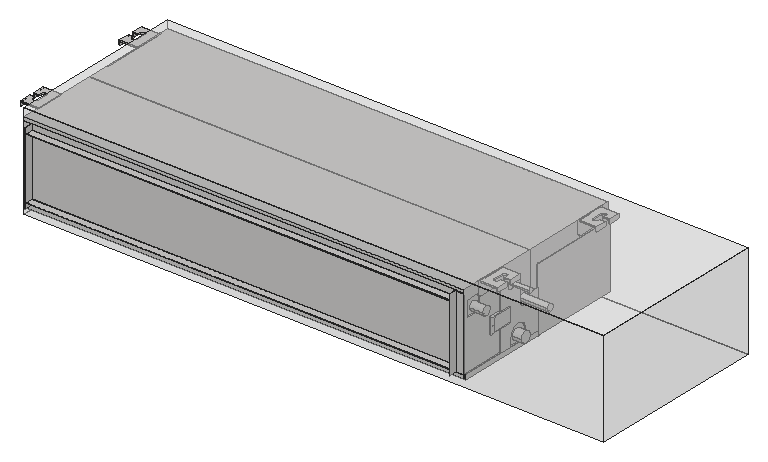
Revit family "outputfile", category 機械設備, Revit 2024
Family settings
  丸型コネクタ寸法 = 半径を使用
  パーツ タイプ = 標準
  OmniClass 番号 = 23.75.10.24.21.27.27
  OmniClass タイトル = Split System Air Conditioning Units
  作業面ベース = いいえ
  常に垂直 = はい
  ロード時にボイドで切り取り = いいえ
  注釈の向きを維持 = いいえ
  共有 = いいえ
  部屋計算ポイント = はい
Parameters (values of type "FXDQ63TV1CA")
  Description = ""
  製造元 = "Daikin"
  書き出し IFC クラス(タイプ) = "IfcUnitaryEquipmentType"
  定義済み IFC タイプ(タイプ) = "AIRCONDITIONINGUNIT"
  Cost = 0
  モデル = "FXDQ63TV1CA"
  Type Comments = ""
  Keynote = ""
  Type Image = (empty or 0)
  Assembly Code = ""
  r_Liquid Pipe Size = Liquid Pipe Size / 2  # 4.75 mm
  r_Gas Pipe Size = Gas Pipe Size / 2  # 7.95 mm
  r_Drain Pipe Size = Drain Pipe Size / 2  # 10.0 mm
  lw_powersuply = 65.0 mm  # constant formula
  lh_suctionflange [instance] = [h***] + 100.5 mm  # 100.5 mm
  lh_mounting = lh_mountinghole + [h***]  # 200.0 mm
  ld_suctionflange [instance] = if(and(Rear Connection_Return Air, Width = 700.0 mm), 94.5 mm, if(and(Rear Connection_Return Air, Width = 900.0 mm), 94.0 mm, if(and(Rear Connection_Return Air, Width = 1100.0 mm), 94.0 mm, 100.5 mm)))  # 94.0 mm
  ld_powersuply = 64.0 mm  # constant formula
  ld_mountinghole_Back = if(Width = 900.0 mm, 169.0 mm, 165.0 mm)  # 165.0 mm
  ld_mountinghole_Front = if(Width = 900.0 mm, 140.0 mm, 144.0 mm)  # 144.0 mm
  ld_RA_below = if(Width = 700.0 mm, 189.0 mm, 188.0 mm)  # 188.0 mm
  ld_RA = if(Width = 700.0 mm, 94.5 mm, 94.0 mm)  # 94.0 mm
  angle_vertical_RA [instance] = if(Rear Connection_Return Air, 90.00°, 0.00°)  # 90.00°
  angle horizontal_RA [instance] = if(Rear Connection_Return Air, 180.00°, 270.00°)  # 180.00°
  Voltage_comment_50Hz = "220-240"
  Voltage_50Hz = 220 V
  URL = ""
  Supply Air Direction [instance] = yes
  Sound Power Level_H speed (dB) = 0
  Rear Connection_Return Air [instance] = not(Bottom Connection_Return Air)  # yes
  Phase_50Hz = 1
  Minimum External Static Pressure = 10.00 Pa
  Minimum Circuit Amps_50Hz = 1.8 A
  Maximum Fuse Amps_50Hz = 15.0 A
  Maximum External Static Pressure = 45.00 Pa
  Material_Casing = DAIKIN_GalvanizedSteel_Casing_indoorunit
  ld_liquidpipe = 142.0 mm  # constant formula
  ld_gaspipe = 181.0 mm  # constant formula
  lw_mountinghole = Width + 52.0 mm  # 1152.0 mm
  ld_drainpipe = 28.0 mm  # constant formula
  lh_liquidpipe = 155.0 mm
  lh_gaspipe = 105.0 mm
  lh_mountinghole = 200.0 mm  # constant formula
  lh_drainpipe = 152.0 mm  # constant formula
  h_antenna = Height - lh_mountinghole + 1.0 mm  # 1.0 mm
  h*** = 0.0 mm  # constant formula
  Width = 1100.0 mm
  Version = "ver.1.0"
  Unit Type = "Slim Duct (Standard) Type"
  Unit Mass Weight = 24.00 kg
  Unit Designation [instance] = ""
  Uniclass2015Version = "Products v1.30"
  Uniclass2015Title = "Variable refrigerant flow units"
  Uniclass2015Code = "Pr_70_65_03_94"
  Total Heating Capacity [instance] = 0.000 kW
  Total Cooling Capacity [instance] = 0.000 kW
  Sound Pressure Level_M speed (dBA) = 0
  Sound Pressure Level_L speed (dBA) = 33
  Sound Pressure Level_H speed (dBA) = 37
  Series = "VRV Fan Coil Unit"
  Sensible Cooling Capacity [instance] = 0.000 kW
  SA Duct Size Width = if(Width = 900.0 mm, 860.0 mm, if(Width = 1100.0 mm, 1060.0 mm, 660.0 mm))  # 1060.0 mm
  SA Duct Size Height = 153.0 mm  # constant formula
  Refrigerant Type = "R410A"
  RA Duct Size Width = if(Width = 900.0 mm, 775.0 mm, if(Width = 1100.0 mm, 975.0 mm, 575.0 mm))  # 975.0 mm
  RA Duct Size Height [instance] = if(Rear Connection_Return Air, 163.0 mm, if(Width = 700.0 mm, 153.0 mm, 152.0 mm))  # 163.0 mm
  Power Input (Heating) = 0.070 kW
  Power Input (Cooling) = 0.080 kW
  Option Accessory 3 [instance] = ""
  Option Accessory 2 [instance] = ""
  Option Accessory 1 [instance] = ""
  Nominal Heating Capacity = 8.000 kW
  Nominal Cooling Capacity = 7.100 kW
  Minimum Airflow = 0.00 m³/h
  Median Airflow = 0.00 m³/h
  Maximum Airflow = 1170.00 m³/h
  Load Classification = HVAC
  Liquid Pipe Size = 9.5 mm
  Link_Nested Family [instance] = ""
  IfcVersion = "0"
  IfcExportType = "AIRCONDITIONINGUNIT"
  IfcExportAs = "IfcUnitaryEquipmentType"
  Height = 200.0 mm
  Heating Entering Wet Bulb Temperature [instance] = 0.00 °C
  Heating Entering Dry Bulb Temperature [instance] = 0.00 °C
  Heating Ambient Wet Bulb Temperature [instance] = 0.00 °C
  Heating Ambient Dry Bulb Temperature [instance] = 0.00 °C
  Heat Exchanger Type = "Cross Fin Coil"
  Gas Pipe Size = 15.9 mm
  Frequency_50Hz = 50 Hz
  Fan Type = "Sirocco Fan"
  Fan Drive = "Direct Drive"
  FCU Tag No. [instance] = ""
  Drain Pipe Size = 20.0 mm
  Design Supply Airflow [instance] = 0.00 m³/h
  Design Return Airflow [instance] = 0.00 m³/h
  Design External Static Pressure [instance] = 0.00 Pa
  Depth = 450.0 mm
  既定の高さ = 0.0 mm
  Cooling Entering Wet Bulb Temperature [instance] = 0.00 °C
  Cooling Entering Dry Bulb Temperature [instance] = 0.00 °C
  Cooling Ambient Wet Bulb Temperature [instance] = 0.00 °C
  Cooling Ambient Dry Bulb Temperature [instance] = 0.00 °C
  Clearance visibility [instance] = yes
  Clearance Top = 20.0 mm
  Clearance Right = 350.0 mm
  Clearance Rear = 0.0 mm
  Clearance Left = 0.0 mm
  Clearance Front = 0.0 mm
  Clearance Bottom = 20.0 mm
  Bottom Connection_Return Air [instance] = no
Reference planes
  plane 1 "Center (Front/Back)": y = 0
  plane 2 "Bottom": z = -200
  plane 3 "Center (Left/Right)": x = 0
  plane 4 "Back": y = 225
  plane 5 "Front": y = -225
  plane 6 "Left": x = -550
  plane 7 "Right": x = 550
  plane 8 "Top": z = 0
  plane 9 "BB": y = -20
  plane 10 "condensate water pan": z = -190
  plane 11 "Below": z = -200
  plane 12 "Other components Right": x = 555
  plane 13 "Other components Left": x = 545
  plane 14 "lh_drainpipe": z = -48
  plane 15 "ld_drainpipe": y = -197
  plane 16 "drainpipe": x = 583
  plane 17 "lh_liquidpipe": z = -45
  plane 18 "ld_liquidpipe": y = -83
  plane 19 "ld_gaspipe": y = -44
  plane 20 "lh_gaspipe": z = -95
  plane 21: x = 603
  plane 22: x = 620
  plane 23: x = 574
  plane 24 "w_mountinghole_Left": x = -576
  plane 25 "w_mountinghole_Right": x = 576
  plane 26 "d_mountinghole_Back": y = 165
  plane 27 "d_mountinghole_Front": y = -144
  plane 28 "h_mountinghole": z = 0
  plane 29 "lw_powersuply": x = 485
  plane 30 "ld_powersuply": y = -161
  plane 31 "Clearance Left": x = -550
  plane 32 "Clearance Right": x = 900
  plane 33 "Clearance Rear": y = 225
  plane 34 "Clearance Front": y = -225
  plane 35 "Clearance Bottom": z = -220
  plane 36 "Clearance Top": z = 20
  plane 37 "RA": y = 224
  plane 38: z = -199
  plane 39 "RA_d": y = 131
  plane 40 "RA_w": x = -51.5
  plane 41 "RA_h": z = -99.5
  plane 42 "SA_h": z = -99
  plane 43 "RA_dd": y = 37
Forms (mm)
  Extrusion 1, solid, material "DAIKIN_GalvanizedSteel_Casing_indoorunit" <- "Material_Casing"
    sketch origin (0, 0, 100) x (0, 1, 0) y (0, 0, 1)
      loop
        line (-20, -100) -> (-20, -300) -> (225, -300) -> (225, -100) -> (-20, -100)
    from -550 to 550
  Extrusion 2, solid, material "DAIKIN_GalvanizedSteel_Casing_indoorunit" <- "Material_Casing"
    sketch origin (0, 0, 100) x (0, 1, 0) y (0, 0, 1)
      loop
        line (-225, -100) -> (-225, -290) -> (-20, -290) -> (-20, -100) -> (-225, -100)
    from -550 to 550
  Extrusion 3, solid, material "DAIKIN_GalvanizedSteel_Casing_indoorunit" <- "Material_Casing"
    sketch origin (0, 0, 100) x (0, 1, 0) y (0, 0, 1)
      loop
        line (-225, -290) -> (-225, -300) -> (-20, -300) -> (-20, -290) -> (-225, -290)
    from -550 to 550
  Extrusion 4, solid, material "DAIKIN_GalvanizedSteel_Casing_indoorunit" <- "Material_Casing"
    sketch origin (0, 0, 0) x (0, 1, 0) y (0, 0, 1)
      loop
        arc (2, -40) -> (-0.121, -40.879) -> (-1, -43) r 3
        line (-1, -43) -> (-1, -197)
        arc (-1, -197) -> (-0.121, -199.121) -> (2, -200) r 3
        line (2, -200) -> (225, -200) -> (225, -40) -> (2, -40)
    from 550 to 555
  Extrusion 5, solid, material "DAIKIN_GalvanizedSteel_Casing_indoorunit" <- "Material_Casing"
    sketch origin (620, 0, 0) x (0, 1, 0) y (0, 0, 1)
      loop
        line (-225, -190) -> (-225, -200) -> (-2, -200) -> (-2, -193)
        arc (-2, -193) -> (-2.879, -190.879) -> (-5, -190) r 3
        line (-5, -190) -> (-225, -190)
    from -70 to -65
  Extrusion 6, void
    sketch origin (0, 0, 0) x (0, 1, 0) y (0, 0, 1)
      loop
        arc (-145.64, -94.17) -> (-147.761, -95.049) -> (-148.64, -97.17) r 3
        line (-148.64, -97.17) -> (-148.64, -131.17)
        arc (-148.64, -131.17) -> (-147.761, -133.291) -> (-145.64, -134.17) r 3
        line (-145.64, -134.17) -> (-91.78, -134.17)
        arc (-91.78, -134.17) -> (-89.659, -133.291) -> (-88.78, -131.17) r 3
        line (-88.78, -131.17) -> (-88.78, -97.17)
        arc (-88.78, -97.17) -> (-89.659, -95.049) -> (-91.78, -94.17) r 3
        line (-91.78, -94.17) -> (-145.64, -94.17)
    from 545 to 555
  Extrusion 7, void
    sketch origin (460, 0, 0) x (0, 1, 0) y (0, 0, 1)
      loop
        arc (-212.95, -27.05) -> (-216.486, -28.514) -> (-217.95, -32.05) r 5
        line (-217.95, -32.05) -> (-217.95, -63.95)
        arc (-217.95, -63.95) -> (-216.486, -67.486) -> (-212.95, -68.95) r 5
        line (-212.95, -68.95) -> (-181.05, -68.95)
        arc (-181.05, -68.95) -> (-177.514, -67.486) -> (-176.05, -63.95) r 5
        line (-176.05, -63.95) -> (-176.05, -32.05)
        arc (-176.05, -32.05) -> (-177.514, -28.514) -> (-181.05, -27.05) r 5
        line (-181.05, -27.05) -> (-212.95, -27.05)
    from 85 to 95
  Extrusion 8, solid, material "DAIKIN_GalvanizedSteel_Casing_indoorunit" <- "Material_Casing"
    sketch origin (700, 0, 0) x (0, 1, 0) y (0, 0, 1)
      loop
        line (-116.823, -42) -> (-116.823, -190) -> (-87.438, -190) -> (-87.438, -167.881)
        arc (-87.438, -167.881) -> (-62.998, -143.441) -> (-38.558, -167.881) r 24.44
        line (-38.558, -167.881) -> (-38.558, -190) -> (-1, -190) -> (-1, -92.773) -> (-27.497, -92.773)
        arc (-27.497, -92.773) -> (-28.911, -93.359) -> (-29.497, -94.773) r 2
        line (-29.497, -94.773) -> (-29.497, -99)
        arc (-29.497, -99) -> (-43.997, -113.5) -> (-58.497, -99) r 14.5
        line (-58.497, -99) -> (-58.497, -42.3)
        arc (-58.497, -42.3) -> (-59.171, -40.674) -> (-60.797, -40) r 2.3
        line (-60.797, -40) -> (-69, -40)
        arc (-69, -40) -> (-70.414, -40.586) -> (-71, -42) r 2
        line (-71, -42) -> (-71, -49)
        arc (-71, -49) -> (-83, -61) -> (-95, -49) r 12
        line (-95, -49) -> (-95, -42)
        arc (-95, -42) -> (-95.586, -40.586) -> (-97, -40) r 2
        line (-97, -40) -> (-114.823, -40)
        arc (-114.823, -40) -> (-116.237, -40.586) -> (-116.823, -42) r 2
    from -150 to -145
  Extrusion 9, solid, material "DAIKIN_GalvanizedSteel_Casing_indoorunit" <- "Material_Casing"
    sketch origin (0, 0, 0) x (0, 1, 0) y (0, 0, 1)
      loop
        line (-91.78, -95.17) -> (-145.64, -95.17)
        arc (-145.64, -95.17) -> (-147.054, -95.756) -> (-147.64, -97.17) r 2
        line (-147.64, -97.17) -> (-147.64, -131.17)
        arc (-147.64, -131.17) -> (-147.054, -132.584) -> (-145.64, -133.17) r 2
        line (-145.64, -133.17) -> (-91.78, -133.17)
        arc (-91.78, -133.17) -> (-90.366, -132.584) -> (-89.78, -131.17) r 2
        line (-89.78, -131.17) -> (-89.78, -97.17)
        arc (-89.78, -97.17) -> (-90.366, -95.756) -> (-91.78, -95.17) r 2
    from 545 to 555
  Extrusion 10, solid, material "DAIKIN_GalvanizedSteel_Casing_indoorunit" <- "Material_Casing"
    sketch origin (0, 0, 0) x (0, 1, 0) y (0, 0, 1)
      loop
        line (-89.78, -97.67) -> (-136.14, -97.67) -> (-136.14, -130.67) -> (-89.78, -130.67) -> (-89.78, -97.67)
      loop
        circle (-142.64, -114.17) r 1.5
    from 550 to 555
  Extrusion 11, solid, material "DAIKIN_GalvanizedSteel_Casing_indoorunit" <- "Material_Casing"
    sketch origin (0, 0, 0) x (0, 1, 0) y (0, 0, 1)
      loop
        circle (-197, -48) r 10
    from 550 to 583
  Extrusion 12, solid, material "DAIKIN_GalvanizedSteel_Casing_indoorunit" <- "Material_Casing"
    sketch origin (0, 0, 0) x (0, 1, 0) y (0, 0, 1)
      loop
        circle (-83, -45) r 4.75
    from 550 to 603
  Extrusion 13, solid, material "DAIKIN_GalvanizedSteel_Casing_indoorunit" <- "Material_Casing"
    sketch origin (0, 0, 0) x (0, 1, 0) y (0, 0, 1)
      loop
        circle (-44, -95) r 7.95
    from 550 to 620
  Extrusion 14, solid, material "DAIKIN_GalvanizedSteel_Casing_indoorunit" <- "Material_Casing"
    sketch origin (0, 0, 0) x (0, 1, 0) y (0, 0, 1)
      loop
        circle (-62.998, -169) r 13
    from 550 to 574
  Extrusion 15, void
    sketch origin (0, 0, 0) x (1, 0, 0) y (0, 0, 1)
      loop
        line (446, -1) -> (-549, -1) -> (-549, -200) -> (446, -200) -> (446, -1)
    from -225 to -37
  Extrusion 16, solid, material "DAIKIN_GalvanizedSteel_Casing_indoorunit" <- "Material_Casing", visible <- "Bottom Connection_Return Air"
    sketch origin (0, 0, 0) x (1, 0, 0) y (0, 0, 1)
      loop
        line (446, -1) -> (-549, -1) -> (-549, -200) -> (446, -200) -> (446, -1)
    from -225 to -224
  Extrusion 17, solid, material "DAIKIN_GalvanizedSteel_Casing_indoorunit" <- "Material_Casing", visible <- "Rear Connection_Return Air"
    sketch origin (0, 0, 0) x (1, 0, 0) y (0, 1, 0)
      loop
        line (-549, 37) -> (446, 37) -> (446, 225) -> (-549, 225) -> (-549, 37)
    from -200 to -199
Cuts and joins
  Extrusion 6, Extrusion 7 cuts Extrusion 2
  Extrusion 6 cuts Extrusion 8
  Extrusion 15 cuts Extrusion 1
Dimensions and locks
  locked: plane 9 "BB" to plane 1 "Center (Front/Back)" at 20
  equal spacing: plane 4 "Back", plane 1 "Center (Front/Back)", plane 5 "Front"
  "Depth": plane 4 "Back" to plane 5 "Front"
  plane 9 "BB" to plane 4 "Back" = 245.0 mm
  plane 5 "Front" to plane 9 "BB" = 205.0 mm
  equal spacing: plane 6 "Left", plane 3 "Center (Left/Right)", plane 7 "Right"
  "Width": plane 6 "Left" to plane 7 "Right"
  locked: plane 1 "Center (Front/Back)" to plane 9 "BB" at 20
  "h***": plane 11 "Below" to plane 2 "Bottom"
  locked: plane 10 "condensate water pan" to plane 11 "Below" at 10
  "Height": plane 8 "Top" to plane 11 "Below"
  locked: Extrusion 4 sketch curve to plane 4 "Back" at 226
  locked: Extrusion 4 sketch curve to plane 11 "Below" at 160
  locked: plane 7 "Right" to plane 12 "Other components Right" at 5
  locked: plane 13 "Other components Left" to plane 7 "Right" at 5
  "lh_drainpipe": plane 14 "lh_drainpipe" to plane 11 "Below"
  plane 5 "Front" to plane 15 "ld_drainpipe" = 28.0 mm
  "ld_drainpipe": plane 15 "ld_drainpipe" to plane 5 "Front"
  locked: plane 7 "Right" to plane 16 "drainpipe" at 33
  "lh_liquidpipe": plane 17 "lh_liquidpipe" to plane 11 "Below"
  "ld_liquidpipe": plane 18 "ld_liquidpipe" to plane 5 "Front"
  "ld_gaspipe": plane 19 "ld_gaspipe" to plane 5 "Front"
  plane 5 "Front" to plane 18 "ld_liquidpipe" = 142.0 mm
  plane 5 "Front" to plane 19 "ld_gaspipe" = 181.0 mm
  "lh_gaspipe": plane 20 "lh_gaspipe" to plane 11 "Below"
  locked: plane 7 "Right" to plane 21 at 53
  locked: plane 7 "Right" to plane 22 at 70
  locked: plane 7 "Right" to plane 23 at 24
  equal spacing: plane 24 "w_mountinghole_Left", plane 3 "Center (Left/Right)", plane 25 "w_mountinghole_Right"
  "lw_mountinghole": plane 24 "w_mountinghole_Left" to plane 25 "w_mountinghole_Right"
  plane 26 "d_mountinghole_Back" to plane 27 "d_mountinghole_Front" = 309.0 mm
  "lh_mountinghole": plane 28 "h_mountinghole" to plane 11 "Below"
  "lw_powersuply": plane 29 "lw_powersuply" to plane 7 "Right"
  "ld_powersuply": plane 5 "Front" to plane 30 "ld_powersuply"
  "Clearance Rear": plane 33 "Clearance Rear" to plane 4 "Back"
  "Clearance Front": plane 5 "Front" to plane 34 "Clearance Front"
  "Clearance Bottom": plane 11 "Below" to plane 35 "Clearance Bottom"
  "Clearance Top": plane 36 "Clearance Top" to plane 8 "Top"
  "Clearance Left": plane 31 "Clearance Left" to plane 6 "Left"
  "Clearance Right": plane 7 "Right" to plane 32 "Clearance Right"
  locked: cut or joined group of Extrusion 1, Extrusion 15 to plane 6 "Left" at 1
  locked: plane 7 "Right" to cut or joined group of Extrusion 1, Extrusion 15 at 104
  locked: plane 4 "Back" to plane 37 "RA" at 1
  locked: plane 6 "Left" to Extrusion 17 sketch curve at 1
  locked: Extrusion 17 sketch curve to plane 7 "Right" at 104
  locked: plane 38 to plane 11 "Below" at 1
  locked: plane 40 "RA_w" to plane 3 "Center (Left/Right)" at 51.5
  "ld_RA": plane 39 "RA_d" to plane 4 "Back"
  locked: plane 11 "Below" to plane 41 "RA_h" at 100.5
  locked: plane 11 "Below" to plane 42 "SA_h" at 101
  "ld_mountinghole_Back": plane 26 "d_mountinghole_Back" to plane 1 "Center (Front/Back)"
  "ld_mountinghole_Front": plane 27 "d_mountinghole_Front" to plane 1 "Center (Front/Back)"
  "ld_RA_below": plane 4 "Back" to plane 43 "RA_dd"
  "r_Liquid Pipe Size": radius of Extrusion 12 sketch curve
  "r_Gas Pipe Size": radius of Extrusion 13 sketch curve
  "r_Drain Pipe Size": radius of Extrusion 11 sketch curve
  aligned and locked: Extrusion 1 sketch curve to plane 8 "Top"
  aligned and locked: Extrusion 1 sketch curve to plane 9 "BB"
  aligned and locked: Extrusion 1 sketch curve to plane 4 "Back"
  aligned and locked: Extrusion 2 sketch curve to plane 9 "BB"
  aligned and locked: Extrusion 2 sketch curve to plane 8 "Top"
  aligned and locked: plane 5 "Front" to Extrusion 2 sketch curve
  aligned and locked: Extrusion 1 to plane 6 "Left"
  aligned and locked: plane 7 "Right" to Extrusion 1
  aligned and locked: Extrusion 2 to plane 6 "Left"
  aligned and locked: plane 7 "Right" to Extrusion 2
  aligned and locked: plane 10 "condensate water pan" to Extrusion 2 sketch curve
  aligned and locked: Extrusion 3 sketch curve to plane 10 "condensate water pan"
  aligned and locked: plane 5 "Front" to Extrusion 3 sketch curve
  aligned and locked: plane 9 "BB" to Extrusion 3 sketch curve
  aligned and locked: Extrusion 3 to plane 6 "Left"
  aligned and locked: plane 7 "Right" to Extrusion 3
  aligned and locked: plane 11 "Below" to Extrusion 3
  aligned and locked: Extrusion 1 to plane 11 "Below"
  aligned and locked: plane 11 "Below" to Extrusion 4 sketch curve
  aligned and locked: Extrusion 4 sketch curve to plane 4 "Back"
  aligned and locked: Extrusion 4 to plane 7 "Right"
  aligned and locked: plane 12 "Other components Right" to Extrusion 4
  aligned and locked: Extrusion 5 sketch curve to plane 10 "condensate water pan"
  aligned and locked: plane 5 "Front" to Extrusion 5 sketch curve
  aligned and locked: plane 11 "Below" to Extrusion 5 sketch curve
  aligned and locked: Extrusion 5 to plane 7 "Right"
  aligned and locked: plane 12 "Other components Right" to Extrusion 5
  aligned and locked: Extrusion 8 to plane 7 "Right"
  aligned and locked: plane 12 "Other components Right" to Extrusion 8
  aligned and locked: Extrusion 6 to plane 13 "Other components Left"
  aligned and locked: Extrusion 7 to plane 13 "Other components Left"
  aligned and locked: plane 12 "Other components Right" to Extrusion 7
  aligned and locked: plane 12 "Other components Right" to Extrusion 6
  aligned and locked: Extrusion 10 to plane 7 "Right"
  aligned and locked: Extrusion 9 to plane 13 "Other components Left"
  aligned and locked: plane 16 "drainpipe" to Extrusion 11
  aligned and locked: Extrusion 11 to plane 7 "Right"
  aligned and locked: plane 12 "Other components Right" to Extrusion 9
  aligned and locked: plane 12 "Other components Right" to Extrusion 10
  aligned and locked: Extrusion 12 to plane 7 "Right"
  aligned and locked: plane 21 to Extrusion 12
  aligned and locked: Extrusion 13 sketch curve to plane 19 "ld_gaspipe"
  aligned and locked: plane 20 "lh_gaspipe" to Extrusion 13 sketch curve
  aligned and locked: Extrusion 12 sketch curve to plane 18 "ld_liquidpipe"
  aligned and locked: plane 17 "lh_liquidpipe" to Extrusion 12 sketch curve
  aligned and locked: plane 14 "lh_drainpipe" to Extrusion 11 sketch curve
  aligned and locked: Extrusion 11 sketch curve to plane 15 "ld_drainpipe"
  aligned and locked: Extrusion 13 to plane 7 "Right"
  aligned and locked: plane 22 to Extrusion 13
  aligned and locked: Extrusion 14 to plane 7 "Right"
  aligned and locked: plane 23 to Extrusion 14
  aligned and locked: plane 25 "w_mountinghole_Right" to nested 2
  aligned and locked: plane 26 "d_mountinghole_Back" to nested 2
  aligned and locked: plane 28 "h_mountinghole" to nested 2
  aligned and locked: plane 27 "d_mountinghole_Front" to nested 3
  aligned and locked: plane 25 "w_mountinghole_Right" to nested 3
  aligned and locked: plane 24 "w_mountinghole_Left" to nested 4
  aligned and locked: plane 26 "d_mountinghole_Back" to nested 4
  aligned and locked: plane 24 "w_mountinghole_Left" to nested 5
  aligned and locked: nested 5 to plane 27 "d_mountinghole_Front"
  aligned and locked: plane 28 "h_mountinghole" to nested 4
  aligned and locked: plane 28 "h_mountinghole" to nested 5
  aligned and locked: plane 28 "h_mountinghole" to nested 3
  aligned and locked: plane 24 "w_mountinghole_Left" to nested 1
  aligned and locked: nested 1 to plane 26 "d_mountinghole_Back"
  aligned and locked: plane 27 "d_mountinghole_Front" to nested 6
  aligned and locked: plane 24 "w_mountinghole_Left" to nested 6
  aligned and locked: nested 7 to plane 25 "w_mountinghole_Right"
  aligned and locked: plane 26 "d_mountinghole_Back" to nested 7
  aligned and locked: plane 27 "d_mountinghole_Front" to nested 8
  aligned and locked: nested 8 to plane 25 "w_mountinghole_Right"
  aligned and locked: plane 15 "ld_drainpipe" to nested 9
  aligned and locked: plane 7 "Right" to nested 9
  aligned and locked: plane 14 "lh_drainpipe" to nested 9
  aligned and locked: plane 7 "Right" to nested 11
  aligned and locked: plane 7 "Right" to nested 10
  aligned and locked: plane 18 "ld_liquidpipe" to nested 10
  aligned and locked: plane 19 "ld_gaspipe" to nested 11
  aligned and locked: nested 10 to plane 17 "lh_liquidpipe"
  aligned and locked: nested 11 to plane 20 "lh_gaspipe"
  aligned and locked: plane 31 "Clearance Left" to nested 12
  aligned and locked: nested 12 to plane 33 "Clearance Rear"
  aligned and locked: plane 34 "Clearance Front" to nested 12
  aligned and locked: nested 12 to plane 32 "Clearance Right"
  aligned and locked: plane 36 "Clearance Top" to nested 12
  aligned and locked: plane 35 "Clearance Bottom" to nested 12
  aligned and locked: nested 13 to plane 29 "lw_powersuply"
  aligned and locked: plane 30 "ld_powersuply" to nested 13
  aligned and locked: nested 13 to plane 20 "lh_gaspipe"
  aligned and locked: plane 3 "Center (Left/Right)" to nested 14
  aligned and locked: plane 1 "Center (Front/Back)" to nested 14
  aligned and locked: plane 1 "Center (Front/Back)" to nested 15
  aligned and locked: nested 15 to plane 11 "Below"
  aligned and locked: plane 3 "Center (Left/Right)" to nested 16
  aligned and locked: plane 3 "Center (Left/Right)" to nested 17
  aligned and locked: plane 8 "Top" to nested 16
  aligned and locked: plane 4 "Back" to Extrusion 15
  aligned and locked: plane 4 "Back" to Extrusion 16
  aligned and locked: Extrusion 16 to plane 37 "RA"
  aligned and locked: Extrusion 17 to plane 11 "Below"
  aligned and locked: plane 38 to Extrusion 17
  aligned and locked: plane 39 "RA_d" to nested 18
  aligned and locked: plane 1 "Center (Front/Back)" to nested 19
  aligned and locked: plane 3 "Center (Left/Right)" to nested 19
  aligned and locked: plane 42 "SA_h" to nested 19
  aligned and locked: nested 16 to plane 37 "RA"
  aligned and locked: nested 16 to plane 4 "Back"
  aligned and locked: nested 17 to plane 38
  aligned and locked: nested 17 to plane 37 "RA"
  aligned and locked: Extrusion 15 to plane 43 "RA_dd"
  aligned and locked: Extrusion 17 sketch curve to plane 43 "RA_dd"
  aligned and locked: level to plane 8 "Top"
Automatic sketch dimensions
  Extrusion 1 sketch curve to plane 10 "condensate water pan" = 10.0 mm
  Extrusion 3 sketch curve to plane 10 "condensate water pan" = 10.0 mm
  Extrusion 4 sketch curve to plane 10 "condensate water pan" = 7.0 mm
  Extrusion 4 sketch curve to plane 1 "Center (Front/Back)" = 2.0 mm
  plane 1 "Center (Front/Back)" to Extrusion 5 sketch curve = 2.0 mm
  Extrusion 5 sketch curve to plane 10 "condensate water pan" = 3.0 mm
  plane 5 "Front" to Extrusion 6 sketch curve = 76.36 mm
  Extrusion 6 sketch curve to Extrusion 6 sketch curve = 3.0 mm  (x3)
  Extrusion 6 sketch curve to Extrusion 6 sketch curve = 53.86 mm
  Extrusion 6 sketch curve to Extrusion 6 sketch curve = 0.0 mm
  plane 10 "condensate water pan" to Extrusion 6 sketch curve = 55.83 mm
  Extrusion 6 sketch curve to Extrusion 6 sketch curve = 34.0 mm
  plane 5 "Front" to Extrusion 7 sketch curve = 7.05 mm
  Extrusion 7 sketch curve to Extrusion 7 sketch curve = 5.0 mm  (x3)
  Extrusion 7 sketch curve to Extrusion 7 sketch curve = 31.9 mm  (x3)
  Extrusion 7 sketch curve to plane 8 "Top" = 68.95 mm
  Extrusion 8 sketch curve to plane 10 "condensate water pan" = 0.0 mm  (x2)
  Extrusion 8 sketch curve to plane 9 "BB" = 96.823 mm
  Extrusion 8 sketch curve to Extrusion 8 sketch curve = 2.0 mm  (x4)
  Extrusion 8 sketch curve to Extrusion 8 sketch curve = 17.823 mm
  Extrusion 8 sketch curve to Extrusion 8 sketch curve = 29.385 mm
  Extrusion 8 sketch curve to Extrusion 8 sketch curve = 12.0 mm
  Extrusion 8 sketch curve to Extrusion 8 sketch curve = 24.44 mm
  Extrusion 8 sketch curve to Extrusion 8 sketch curve = 8.203 mm
  Extrusion 8 sketch curve to plane 9 "BB" = 38.497 mm
  Extrusion 8 sketch curve to Extrusion 8 sketch curve = 14.5 mm
  plane 1 "Center (Front/Back)" to Extrusion 8 sketch curve = 1.0 mm
  Extrusion 8 sketch curve to Extrusion 8 sketch curve = 22.119 mm
  Extrusion 8 sketch curve to Extrusion 8 sketch curve = 68.881 mm
  Extrusion 8 sketch curve to Extrusion 8 sketch curve = 4.227 mm
  Extrusion 8 sketch curve to plane 8 "Top" = 49.0 mm
  Extrusion 8 sketch curve to Extrusion 8 sketch curve = 6.7 mm
  Extrusion 8 sketch curve to Extrusion 8 sketch curve = 7.0 mm
  plane 5 "Front" to Extrusion 9 sketch curve = 79.36 mm
  Extrusion 9 sketch curve to Extrusion 9 sketch curve = 2.0 mm  (x3)
  Extrusion 9 sketch curve to Extrusion 9 sketch curve = 53.86 mm
  Extrusion 9 sketch curve to Extrusion 9 sketch curve = 0.0 mm
  plane 10 "condensate water pan" to Extrusion 9 sketch curve = 56.83 mm
  Extrusion 9 sketch curve to Extrusion 9 sketch curve = 34.0 mm
  plane 5 "Front" to Extrusion 10 sketch curve = 82.36 mm
  Extrusion 10 sketch curve to Extrusion 10 sketch curve = 6.5 mm
  Extrusion 10 sketch curve to Extrusion 10 sketch curve = 46.36 mm
  plane 10 "condensate water pan" to Extrusion 10 sketch curve = 59.33 mm
  Extrusion 10 sketch curve to Extrusion 10 sketch curve = 16.5 mm  (x2)
  Extrusion 14 sketch curve to plane 19 "ld_gaspipe" = 18.998 mm
  plane 10 "condensate water pan" to Extrusion 14 sketch curve = 21.0 mm
  plane 6 "Left" to Extrusion 15 sketch curve = 1.0 mm
  plane 35 "Clearance Bottom" to Extrusion 15 sketch curve = 20.0 mm
  plane 29 "lw_powersuply" to Extrusion 15 sketch curve = 39.0 mm
  Extrusion 15 sketch curve to plane 8 "Top" = 1.0 mm
  plane 6 "Left" to Extrusion 16 sketch curve = 1.0 mm
  Extrusion 16 sketch curve to plane 11 "Below" = 0.0 mm
  plane 29 "lw_powersuply" to Extrusion 16 sketch curve = 39.0 mm
  Extrusion 16 sketch curve to plane 8 "Top" = 1.0 mm
  Extrusion 17 sketch curve to plane 4 "Back" = 0.0 mm
  radius of Extrusion 10 sketch curve = 1.5 mm
  radius of Extrusion 14 sketch curve = 13.0 mm
Nested families
  nested 1: "daikin_mountinghole" at (-576, 165, -200), h_mountinghole <- "lh_mounting", l_antenna <- "h_antenna", Link_Nested Family <- "Link_Nested Family", type "daikin_mountinghole"
    with show yes, l_antenna 1.0 mm, h_mountinghole 200.0 mm, Link_Nested Family ""
  nested 2: "daikin_hangerfixture_FXDQ-TV1C(A)" at (550, 165, 0), type "daikin_hangerfixture_FXDQ-TV1C(A)"
  nested 3: "daikin_hangerfixture_FXDQ-TV1C(A)" at (550, -144, 0), type "daikin_hangerfixture_FXDQ-TV1C(A)"
  nested 4: "daikin_hangerfixture_FXDQ-TV1C(A)" at (-550, 165, 0) x (-1, 0, 0) z (0, 0, 1), type "daikin_hangerfixture_FXDQ-TV1C(A)"
  nested 5: "daikin_hangerfixture_FXDQ-TV1C(A)" at (-550, -144, 0) x (-1, 0, 0) z (0, 0, 1), type "daikin_hangerfixture_FXDQ-TV1C(A)"
  nested 6: "daikin_mountinghole" at (-576, -144, -200), h_mountinghole <- "lh_mounting", l_antenna <- "h_antenna", Link_Nested Family <- "Link_Nested Family", type "daikin_mountinghole"
    with show yes, l_antenna 1.0 mm, h_mountinghole 200.0 mm, Link_Nested Family ""
  nested 7: "daikin_mountinghole" at (576, 165, -200), h_mountinghole <- "lh_mounting", l_antenna <- "h_antenna", Link_Nested Family <- "Link_Nested Family", type "daikin_mountinghole"
    with show yes, l_antenna 1.0 mm, h_mountinghole 200.0 mm, Link_Nested Family ""
  nested 8: "daikin_mountinghole" at (576, -144, -200), h_mountinghole <- "lh_mounting", l_antenna <- "h_antenna", Link_Nested Family <- "Link_Nested Family", type "daikin_mountinghole"
    with show yes, l_antenna 1.0 mm, h_mountinghole 200.0 mm, Link_Nested Family ""
  nested 9: "daikin_connector_rotate2" at (550, -197, -48) x (0, 1, 0) z (0, 0, 1), radius <- "r_Drain Pipe Size", type "daikin_connector_rotate2"
    with radius 10.0 mm, length 33.0 mm, angle_vertical 90.00°, show_face no
  nested 10: "daikin_connector_rotate2" at (550, -83, -45) x (0, 1, 0) z (0, 0, 1), radius <- "r_Liquid Pipe Size", type "daikin_connector_rotate2"
    with radius 4.75 mm, length 53.0 mm, angle_vertical 90.00°, show_face no
  nested 11: "daikin_connector_rotate2" at (550, -44, -95) x (0, 1, 0) z (0, 0, 1), radius <- "r_Gas Pipe Size", type "daikin_connector_rotate2"
    with radius 7.95 mm, length 70.0 mm, angle_vertical 90.00°, show_face no
  nested 12: "daikin_clearancespace" at (175, 0, -99.881), visible <- "Clearance visibility", show <- "Clearance visibility", Link_Nested Family <- "Link_Nested Family", type "daikin_clearancespace"
    with width 1450.0 mm, show yes, height 240.0 mm, depth 450.0 mm, Link_Nested Family ""
  nested 13: "daikin_connector_rotate2" at (485, -161, -95) x (1, 0, 0) z (0, -1, 0), type "daikin_connector_rotate2"
    with radius 10.0 mm, length 101.0 mm, angle_vertical 90.00°, show_face no
  nested 14: "daikin_△_symbolicline" at (0, 0, 200), visible <- "Supply Air Direction", built-in parameter 1001360 <- "Height", type "daikin_△_symbolicline"
    with length 200.0 mm
  nested 15: "daikin_ductflange_FXDQ-TV1C(A)1" at (0, 0, -364.701), width <- "SA Duct Size Width", height <- "SA Duct Size Height", material <- "Material_Casing", type "daikin_ductflange_FXDQ-TV1C(A)1"
    with width 1060.0 mm, material DAIKIN_GalvanizedSteel_Casing_indoorunit, height 153.0 mm, depth 20.0 mm
  nested 16: "daikin_ductflange_FXDQ-TV1C(A)2" at (0, 225, -99.5), visible <- "Rear Connection_Return Air", height <- "RA Duct Size Height", width <- "RA Duct Size Width", material <- "Material_Casing", type "daikin_ductflange_FXDQ-TV1C(A)2"
    with width 975.0 mm, material DAIKIN_GalvanizedSteel_Casing_indoorunit, height 163.0 mm, depth 1.0 mm
  nested 17: "daikin_ductflange_FXDQ-TV1C(A)2" at (0, 125.5, -200) x (1, 0, 0) z (0, 1, 0), visible <- "Bottom Connection_Return Air", width <- "RA Duct Size Width", height <- "RA Duct Size Height", type "daikin_ductflange_FXDQ-TV1C(A)2"
    with width 975.0 mm, material DAIKIN_GalvanizedSteel_Casing_indoorunit, height 163.0 mm, depth 1.0 mm
  nested 18: "daikin_connector_rotate3" at (-51.5, 131, -99.5), angle_vertical <- "angle_vertical_RA", angle_horizontal <- "angle horizontal_RA", length <- "ld_suctionflange", built-in parameter 1001364 <- "lh_suctionflange", type "daikin_connector_rotate3"
    with show yes, radius 10.0 mm, length 94.0 mm, angle_vertical 90.00°, angle_horizontal 180.00°
  nested 19: "daikin_connector_rotate2" at (0, 0, -99), type "daikin_connector_rotate2"
    with radius 10.0 mm, length 245.0 mm, angle_vertical 90.00°, show_face no
Connectors
  piping at (583, -197, -48), diameter 20, driven by "r_Drain Pipe Size"
    settings: on nested 9, index 1, connector inside diameter 609.6 mm, connector length 0.0 mm, flow factor 0, pipe flow 0.00 m³/h, pressure drop 0.0 Pa, fitting loss kfactor 0, connector angle 0.00°, fixture units 0, engagement length 0.0 mm, angle of deflection 0.00°, flow configuration 1, flow direction 2, fitting loss method 4, system type 16, joint type 0, gender type 0, connector reference index -1, connector utility 0, adjustable connector no, is connector primary yes, connector description "Condensate Drain Piping"
  piping at (620, -44, -95), diameter 15.9, driven by "r_Gas Pipe Size"
    settings: on nested 11, index 2, connector inside diameter 609.6 mm, connector length 0.0 mm, flow factor 0, pipe flow 0.00 m³/h, pressure drop 0.0 Pa, fitting loss kfactor 0, connector angle 0.00°, fixture units 0, engagement length 0.0 mm, angle of deflection 0.00°, flow configuration 1, flow direction 2, fitting loss method 0, system type 29, joint type 0, gender type 0, connector reference index -1, connector utility 0, adjustable connector no, is connector primary no, connector description "Refrigerant Gas Piping"
  piping at (603, -83, -45), diameter 9.5, driven by "r_Liquid Pipe Size"
    settings: on nested 10, index 3, connector inside diameter 609.6 mm, connector length 0.0 mm, flow factor 0, pipe flow 0.00 m³/h, pressure drop 0.0 Pa, fitting loss kfactor 0, connector angle 0.00°, fixture units 0, engagement length 0.0 mm, angle of deflection 0.00°, flow configuration 1, flow direction 1, fitting loss method 0, system type 29, joint type 0, gender type 0, connector reference index -1, connector utility 0, adjustable connector no, is connector primary no, connector description "Refrigerant Liquid Piping"
  electrical at (485, -161, -196), driven by "Load Classification"
    settings: on nested 13, index 4, voltage 0 V, apparent load 0 VA, apparent load phase1 0 VA, apparent load phase2 0 VA, apparent load phase3 0 VA, power factor 1, load classification "HVAC", number of poles 1, system type 30, power factor state 1, is connector primary yes, connector utility no, sub classification motor no, connector description "Power Supply"
  hvac at (-51.5, 225, -99.5), driven by "RA Duct Size Height", driven by "RA Duct Size Width"
    settings: on nested 18, index 5, duct flow 0.00 m³/h, flow factor 0, pres drop 0.00 Pa, loss coef 0, conn angle 0.00°, conn width 975.0 mm, conn height 163.0 mm, conn diameter 609.6 mm, duct sys type 2, conn prof type 1, flow config 0, flow direction 1, loss method 4, conn ref index -1, conn util no, is conn primary yes, conn desc "RA Duct"
  hvac at (0, -245, -99), driven by "SA Duct Size Height", driven by "SA Duct Size Width"
    settings: on nested 19, index 6, duct flow 0.00 m³/h, flow factor 0, pres drop 0.00 Pa, loss coef 0, conn angle 0.00°, conn width 1060.0 mm, conn height 153.0 mm, conn diameter 609.6 mm, duct sys type 1, conn prof type 1, flow config 0, flow direction 2, loss method 4, conn ref index -1, conn util no, is conn primary no, conn desc "SA Duct"
Definition of nested family "daikin_hangerfixture_FXDQ-TV1C(A)"
  Parameters (values of type "daikin_hangerfixture_FXDQ-TV1C(A)")
    width = 46.0 mm
    material = none
    height = 35.0 mm
    depth = 70.0 mm
    Default Elevation = 0.0 mm
  Reference planes
    plane 1 "Center (Front/Back)": y = 0
    plane 2: z = 0
    plane 3 "Center (Left/Right)": x = 0
    plane 4: z = -35
    plane 5: y = 35
    plane 6: y = -35
    plane 7: x = 46
    plane 8: z = -2
    plane 9: x = 44
    plane 10: x = 2
    plane 11: x = 26
  Forms (mm)
    Extrusion 1, solid, material <- "material"
      sketch origin (0, 0, 0) x (1, 0, 0) y (0, 1, 0)
        loop
          line (0, 35) -> (0, -35) -> (46, -35) -> (46, -6.5) -> (31.85, -6.5) -> (31.85, -12.15)
          arc (31.85, -12.15) -> (26, -18) -> (20.15, -12.15) r 5.85
          line (20.15, -12.15) -> (20.15, 12.15)
          arc (20.15, 12.15) -> (26, 18) -> (31.85, 12.15) r 5.85
          line (31.85, 12.15) -> (31.85, 6.5) -> (46, 6.5) -> (46, 35) -> (0, 35)
      from -2 to 0
    Extrusion 2, solid, material <- "material"
      sketch origin (0, 0, 0) x (0, 1, 0) y (0, 0, 1)
        loop
          line (35, 0) -> (6.5, 0) -> (6.5, -8)
          arc (6.5, -8) -> (7.379, -10.121) -> (9.5, -11) r 3
          line (9.5, -11) -> (32, -11)
          arc (32, -11) -> (34.121, -10.121) -> (35, -8) r 3
          line (35, -8) -> (35, 0)
        loop
          line (-35, 0) -> (-35, -8)
          arc (-35, -8) -> (-34.121, -10.121) -> (-32, -11) r 3
          line (-32, -11) -> (-9.5, -11)
          arc (-9.5, -11) -> (-7.379, -10.121) -> (-6.5, -8) r 3
          line (-6.5, -8) -> (-6.5, 0) -> (-35, 0)
      from 44 to 46
    Extrusion 3, solid, material <- "material"
      sketch origin (0, 0, 0) x (0, 1, 0) y (0, 0, 1)
        loop
          line (-37.5, 0) -> (-37.5, -30) -> (-32.5, -35) -> (32.5, -35) -> (37.5, -30) -> (37.5, 0) -> (-37.5, 0)
      from 0 to 2
  Cuts and joins
    joined: Extrusion 1, Extrusion 2, Extrusion 3
  Dimensions and locks
    "height": plane 2 to plane 4
    plane 2 to plane 8 = 2.0 mm
    equal spacing: plane 5, plane 1 "Center (Front/Back)", plane 6
    "depth": plane 5 to plane 6
    "width": plane 3 "Center (Left/Right)" to plane 7
    plane 3 "Center (Left/Right)" to plane 11 to plane 7 = 26.0 mm, 20.0 mm
    locked: cut or joined group of Extrusion 1, Extrusion 2, Extrusion 3 to plane 5 at 2.5
    locked: cut or joined group of Extrusion 1, Extrusion 2, Extrusion 3 to plane 6 at 2.5
    aligned and locked: level to plane 2
    aligned and locked: plane 2 to Extrusion 1
    aligned and locked: Extrusion 1 to plane 8
    aligned and locked: plane 7 to Extrusion 2
    aligned and locked: Extrusion 2 to plane 9
    aligned and locked: plane 2 to Extrusion 2
    aligned and locked: plane 4 to Extrusion 3 sketch curve
    aligned and locked: Extrusion 3 sketch curve to plane 2
    aligned and locked: Extrusion 3 to plane 3 "Center (Left/Right)"
    aligned and locked: Extrusion 3 to plane 10
  Automatic sketch dimensions
    Extrusion 1 sketch curve to plane 3 "Center (Left/Right)" = 0.0 mm
    Extrusion 1 sketch curve to plane 7 = 0.0 mm  (x2)
    Extrusion 1 sketch curve to plane 6 = 0.0 mm
    Extrusion 1 sketch curve to plane 5 = 0.0 mm
    plane 3 "Center (Left/Right)" to Extrusion 1 sketch curve = 20.15 mm
    Extrusion 1 sketch curve to Extrusion 1 sketch curve = 5.85 mm  (x2)
    plane 1 "Center (Front/Back)" to Extrusion 1 sketch curve = 12.15 mm
    Extrusion 1 sketch curve to Extrusion 1 sketch curve = 5.65 mm  (x2)
    Extrusion 1 sketch curve to plane 1 "Center (Front/Back)" = 6.5 mm
    Extrusion 2 sketch curve to level = 0.0 mm  (x2)
    Extrusion 2 sketch curve to plane 6 = 0.0 mm
    Extrusion 2 sketch curve to Extrusion 2 sketch curve = 3.0 mm  (x2)
    plane 1 "Center (Front/Back)" to Extrusion 2 sketch curve = 9.5 mm
    plane 1 "Center (Front/Back)" to Extrusion 2 sketch curve = 6.5 mm
    Extrusion 2 sketch curve to plane 1 "Center (Front/Back)" = 6.5 mm
    Extrusion 2 sketch curve to plane 5 = 3.0 mm
    Extrusion 2 sketch curve to plane 5 = 0.0 mm
    Extrusion 2 sketch curve to plane 8 = 6.0 mm  (x2)
    Extrusion 3 sketch curve to Extrusion 3 sketch curve = 5.0 mm  (x2)
    plane 4 to Extrusion 3 sketch curve = 5.0 mm  (x2)
    Extrusion 3 sketch curve to plane 6 = 2.5 mm
    Extrusion 3 sketch curve to plane 5 = 2.5 mm
Definition of nested family "daikin_clearancespace"
  Parameters (values of type "daikin_clearancespace")
    width [instance] = 1823.963 mm
    show [instance] = yes
    material = none
    height [instance] = 1359.762 mm
    depth [instance] = 880.0 mm
    Default Elevation = 0.0 mm
    Link_Nested Family [instance] = ""
  Reference planes
    plane 1 "Center (Front/Back)": y = 0
    plane 2 "Center (Elevation)": z = -0.119
    plane 3 "Center (Left/Right)": x = 0
    plane 4: y = 440
    plane 5: y = -440
    plane 6 "Right": x = 911.982
    plane 7 "Left": x = -911.982
    plane 8 "Top": z = 679.762
    plane 9 "Bottom": z = -680
  Forms (mm)
    Extrusion 1, solid, material <- "material", visible <- "show"
      sketch origin (0, 0, 0) x (1, 0, 0) y (0, 1, 0)
        loop
          line (-911.982, 440) -> (-911.982, -440) -> (911.982, -440) -> (911.982, 440) -> (-911.982, 440)
      from -680 to 679.762
  Lines and regions (mm)
    symbolic lines, visible <- "show"
      curve 1: line (911.982, 440, 0) -> (-911.982, 440, 0)
      curve 2: line (-911.982, 440, 0) -> (-911.982, -440, 0)
      curve 3: line (-911.982, -440, 0) -> (911.982, -440, 0)
      curve 4: line (911.982, -440, 0) -> (911.982, 440, 0)
      curve 5: line (911.982, 0, 679.762) -> (-911.982, 0, 679.762)
      curve 6: line (911.982, 0, -680) -> (911.982, 0, 679.762)
      curve 7: line (-911.982, 0, -680) -> (911.982, 0, -680)
      curve 8: line (-911.982, 0, 679.762) -> (-911.982, 0, -680)
      curve 9: line (0, 440, 679.762) -> (0, -440, 679.762)
      curve 10: line (0, -440, 679.762) -> (0, -440, -680)
      curve 11: line (0, 440, -680) -> (0, 440, 679.762)
      curve 12: line (0, -440, -680) -> (0, 440, -680)
  Dimensions and locks
    "width": plane 7 "Left" to plane 6 "Right"
    "depth": plane 4 to plane 5
    "height": plane 8 "Top" to plane 9 "Bottom"
    equal spacing: plane 7 "Left", plane 3 "Center (Left/Right)", plane 6 "Right"
    equal spacing: plane 4, plane 1 "Center (Front/Back)", plane 5
    equal spacing: plane 8 "Top", plane 2 "Center (Elevation)", plane 9 "Bottom"
    aligned and locked: level to plane 2 "Center (Elevation)"
    aligned and locked: Extrusion 1 sketch curve to plane 4
    aligned and locked: plane 7 "Left" to Extrusion 1 sketch curve
    aligned and locked: Extrusion 1 sketch curve to plane 5
    aligned and locked: Extrusion 1 sketch curve to plane 6 "Right"
    aligned and locked: plane 8 "Top" to Extrusion 1
    aligned and locked: curve 1 to Extrusion 1
    aligned and locked: curve 2 to Extrusion 1
    aligned and locked: curve 3 to Extrusion 1
    aligned and locked: curve 4 to Extrusion 1
    aligned and locked: curve 5 to Extrusion 1
    aligned and locked: curve 6 to Extrusion 1
    aligned and locked: curve 7 to Extrusion 1
    aligned and locked: curve 8 to Extrusion 1
    aligned and locked: curve 9 to Extrusion 1
    aligned and locked: curve 10 to Extrusion 1
    aligned and locked: curve 11 to Extrusion 1
    aligned and locked: curve 12 to Extrusion 1
    aligned and locked: Extrusion 1 to plane 9 "Bottom"
Definition of nested family "daikin_ductflange_FXDQ-TV1C(A)1"
  Parameters (values of type "daikin_ductflange_FXDQ-TV1C(A)1")
    width [instance] = 660.0 mm
    material [instance] = none
    height [instance] = 160.0 mm
    h*** = 100.0 mm
    depth [instance] = 20.0 mm
    Default Elevation = 0.0 mm
  Reference planes
    plane 1 "Center (Front/Back)": y = 0
    plane 2: z = 189.201
    plane 3 "Center (Left/Right)": x = 0
    plane 4: y = -225
    plane 5: x = -330
    plane 6: x = 330
    plane 7: y = -245
    plane 8: z = 189.201
    plane 9: z = 349.201
    plane 10: z = 269.201
    plane 11: z = 363.701
    plane 12: z = 164.701
  Forms (mm)
    Extrusion 1, solid, material <- "material"
      sketch origin (0, 0, -1) x (0, 1, 0) y (0, 0, 1)
        loop
          line (-225, 350.201) -> (-225, 364.701) -> (-226, 364.701) -> (-226, 351.201) -> (-245, 351.201) -> (-245, 350.201) -> (-225, 350.201)
        loop
          line (-225, 190.201) -> (-245, 190.201) -> (-245, 189.201) -> (-226, 189.201) -> (-226, 175.701) -> (-225, 175.701) -> (-225, 190.201)
      from -330 to 330
    Extrusion 2, solid, material <- "material"
      sketch origin (0, 0, 188.201) x (1, 0, 0) y (0, 1, 0)
        loop
          line (330, -225) -> (330, -245) -> (331, -245) -> (331, -226) -> (350, -226) -> (350, -225) -> (330, -225)
        loop
          line (-330, -225) -> (-350, -225) -> (-350, -226) -> (-331, -226) -> (-331, -245) -> (-330, -245) -> (-330, -225)
      from -13.5 to 175.5
  Dimensions and locks
    equal spacing: plane 6, plane 3 "Center (Left/Right)", plane 5
    "width": plane 6 to plane 5
    locked: plane 6 to Extrusion 2 sketch curve at 20
    locked: Extrusion 2 sketch curve to plane 5 at 20
    "height": plane 9 to plane 8
    equal spacing: plane 9, plane 10, plane 8
    "depth": plane 4 to plane 7
    plane 4 to plane 1 "Center (Front/Back)" = 225.0 mm
    locked: Extrusion 1 sketch curve to plane 9 at 14.5
    locked: plane 8 to Extrusion 1 sketch curve at 14.5
    locked: plane 11 to plane 9 at 14.5
    aligned and locked: level to plane 2
    aligned and locked: Extrusion 1 to plane 5
    aligned and locked: Extrusion 1 to plane 9
    aligned and locked: plane 6 to Extrusion 1
    aligned and locked: plane 5 to Extrusion 1  (x2)
    aligned and locked: Extrusion 2 sketch curve to plane 6
    aligned and locked: plane 7 to Extrusion 2 sketch curve
    aligned and locked: Extrusion 2 to Extrusion 1
    aligned and locked: Extrusion 1 to Extrusion 2
    aligned and locked: plane 9 to Extrusion 1
    aligned and locked: plane 8 to Extrusion 1
    aligned and locked: plane 9 to Extrusion 1 sketch curve
    aligned and locked: Extrusion 1 sketch curve to plane 8
  Automatic sketch dimensions
    Extrusion 1 sketch curve to plane 7 = 0.0 mm  (x2)
    Extrusion 1 sketch curve to plane 4 = 0.0 mm  (x2)
    Extrusion 1 sketch curve to plane 4 = 1.0 mm  (x2)
    Extrusion 1 sketch curve to level = 1.0 mm
    Extrusion 2 sketch curve to plane 4 = 0.0 mm  (x2)
    Extrusion 2 sketch curve to plane 7 = 0.0 mm
    Extrusion 2 sketch curve to plane 5 = 0.0 mm
    Extrusion 2 sketch curve to plane 5 = 1.0 mm
    Extrusion 2 sketch curve to Extrusion 2 sketch curve = 1.0 mm
    Extrusion 2 sketch curve to plane 4 = 1.0 mm  (x2)
    plane 9 to Extrusion 1 sketch curve = 1.0 mm
Definition of nested family "daikin_ductflange_FXDQ-TV1C(A)2"
  Parameters (values of type "daikin_ductflange_FXDQ-TV1C(A)2")
    width [instance] = 575.0 mm
    material [instance] = none
    height [instance] = 163.0 mm
    depth [instance] = 1.0 mm
    Default Elevation = 0.0 mm
  Reference planes
    plane 1 "Center (Front/Back)": y = 0
    plane 2: z = 0
    plane 3 "Center (Left/Right)": x = 0
    plane 4: z = 81.5
    plane 5: z = -81.5
    plane 6: y = -1
    plane 7: x = -350
    plane 8: x = 350
    plane 9: x = 247
    plane 10: x = 241
    plane 11: x = -344
    plane 12: x = 236
    plane 13: x = -339
    plane 14: x = -51.5
    plane 15: z = 99.5
  Forms (mm)
    Extrusion 1, solid, material <- "material"
      sketch origin (0, 0, 0) x (1, 0, 0) y (0, 0, 1)
        loop
          line (-339, 81.5) -> (-339, -81.5) -> (236, -81.5) -> (236, 81.5) -> (-339, 81.5)
        loop
          line (-349, -99.5) -> (246, -99.5) -> (246, 98.5) -> (-349, 98.5) -> (-349, -99.5)
      from 0 to 1
  Dimensions and locks
    "depth": plane 6 to plane 1 "Center (Front/Back)"
    locked: plane 10 to plane 8 at 109
    locked: plane 11 to plane 10 at 585
    plane 13 to plane 7 = 11.0 mm
    plane 9 to plane 12 = 11.0 mm
    locked: plane 14 to plane 3 "Center (Left/Right)" at 51.5
    equal spacing: plane 13, plane 14, plane 12
    "width": plane 13 to plane 12
    locked: plane 15 to plane 4 at 18
    equal spacing: plane 4, plane 2, plane 5
    "height": plane 4 to plane 5
    equal spacing: plane 7, plane 3 "Center (Left/Right)", plane 8
    plane 7 to plane 8 = 700.0 mm
    locked: Extrusion 1 sketch curve to plane 7 at 1
    locked: plane 9 to Extrusion 1 sketch curve at 1
    locked: Extrusion 1 sketch curve to plane 4 at 17
    locked: plane 5 to Extrusion 1 sketch curve at 18
    aligned and locked: level to plane 2
    aligned and locked: Extrusion 1 to plane 1 "Center (Front/Back)"
    aligned and locked: Extrusion 1 to plane 6
    aligned and locked: plane 13 to Extrusion 1 sketch curve
    aligned and locked: Extrusion 1 sketch curve to plane 12
  Automatic sketch dimensions
    Extrusion 1 sketch curve to plane 5 = 0.0 mm
    Extrusion 1 sketch curve to plane 4 = 0.0 mm
Definition of nested family "daikin_connector_rotate3"
  Parameters (values of type "daikin_connector_rotate3")
    Default Elevation = 1219.2 mm
    show [instance] = yes
    radius [instance] = 10.0 mm
    length [instance] = 600.0 mm
    angle_horizontal [instance] = 60.00°
    angle_vertical [instance] = 90.00°
  Reference planes
    plane 1 "Center (Front/Back)": y = 0
    plane 2: z = 0
    plane 3 "Center (Left/Right)": x = 0
  Dimensions and locks
    "angle_horizontal": angle plane 3 "Center (Left/Right)" to nested 1
    aligned and locked: level to plane 2
    aligned and locked: plane 1 "Center (Front/Back)" to nested 1  (x2)
    aligned and locked: plane 3 "Center (Left/Right)" to nested 1
  Nested families
    nested 1: "daikin_connector_rotate2" at (0, 0, 0) x (0.5, 0.866, 0) z (0, 0, 1), angle_vertical <- "angle_vertical", length <- "length", radius <- "radius", type "daikin_connector_rotate2"
      with radius 10.0 mm, length 600.0 mm, angle_vertical 90.00°
  Definition of nested family "daikin_connector_rotate2"
    Parameters (values of type "daikin_connector_rotate2")
      show_face = yes
      radius [instance] = 10.0 mm
      length [instance] = 600.0 mm
      d_surface = 10.0 mm
      angle_vertical [instance] = 90.00°
      Default Elevation = 0.0 mm
    Reference planes
      plane 1 "Center (Front/Back)": y = 0
      plane 2: z = 0
      plane 3 "Center (Left/Right)": x = 0
    Forms (mm)
      Extrusion 1, solid, visible <- "show_face"
        sketch origin (0, -600, 0) x (1, 0, 0) y (0, 0, 1)
          loop
            circle (0, 0) r 10
        from 0 to -10
    Lines and regions (mm)
      reference lines
        curve 1: line (0, 0, 0) -> (0, -600, 0)
      symbolic lines
        curve 2: circle (0, 0, 0) r 5 normal (0, 0, 1)
      model lines, visible <- "show_face"
        curve 3: line (0, 0, 0) -> (0, -600, 0)
    Dimensions and locks
      "length": curve 1 to curve 1
      "length": curve 3 to curve 3
      "d_surface": Extrusion 1 to Extrusion 1
      "radius": radius of Extrusion 1 sketch curve
      "angle_vertical": angle curve 1 to plane 1 "Center (Front/Back)"
      "angle_vertical": angle curve 3 to plane 1 "Center (Front/Back)"
      aligned and locked: level to plane 2
      aligned and locked: plane 1 "Center (Front/Back)" to curve 1
      aligned and locked: plane 2 to curve 1
      aligned and locked: plane 1 "Center (Front/Back)" to curve 2
      aligned and locked: plane 3 "Center (Left/Right)" to curve 2
      aligned and locked: plane 1 "Center (Front/Back)" to curve 3
      aligned and locked: plane 2 to curve 3
      aligned and locked: Extrusion 1 to Extrusion 1
    Automatic sketch dimensions
      Extrusion 1 sketch curve to level = 0.0 mm
      Extrusion 1 sketch curve to plane 3 "Center (Left/Right)" = 0.0 mm
      radius of curve 2 = 5.0 mm
Definition of nested family "daikin_mountinghole"
  Parameters (values of type "daikin_mountinghole")
    Default Elevation = 1219.2 mm
    Type Comments = "mountinghole"
    show [instance] = yes
    material = none
    l_centerline = 100.0 mm
    l_antenna [instance] = 100.0 mm
    h_mountinghole [instance] = 0.0 mm
    d_circle = 30.0 mm
    Link_Nested Family [instance] = ""
  Reference planes
    plane 1 "Center (Front/Back)": y = 0
    plane 2: z = 0
    plane 3 "Center (Left/Right)": x = 0
    plane 4: y = 50
    plane 5: x = -50
    plane 6: x = 50
    plane 7: y = -50
    plane 8 "h_mountinghole": z = 0
    plane 9: z = 100
  Lines and regions (mm)
    model lines, detail levels fine
      curve 1: circle (0, 0, 0) r 15 normal (0, 0, 1)
      curve 2: line (-50, 0, 0) -> (50, 0, 0)
      curve 3: line (0, 50, 0) -> (0, -50, 0)
    symbolic lines, detail levels fine
      curve 4: circle (0, 0, 0) r 15 normal (0, 0, 1)
      curve 5: line (-50, 0, 0) -> (50, 0, 0)
      curve 6: line (0, 50, 0) -> (0, -50, 0)
    model lines
      curve 7: line (0, 0, 100) -> (0, 0, 0)
  Dimensions and locks
    equal spacing: plane 4, plane 1 "Center (Front/Back)", plane 7
    "l_centerline": plane 4 to plane 7
    equal spacing: plane 5, plane 3 "Center (Left/Right)", plane 6
    "l_centerline": plane 5 to plane 6
    "l_antenna": plane 9 to plane 8 "h_mountinghole"
    "h_mountinghole": plane 8 "h_mountinghole" to plane 2
    "d_circle": diameter of curve 1
    "d_circle": diameter of curve 4
    aligned and locked: level to plane 2
    aligned and locked: plane 1 "Center (Front/Back)" to curve 1
    aligned and locked: plane 3 "Center (Left/Right)" to curve 1
    aligned and locked: plane 1 "Center (Front/Back)" to curve 2
    aligned and locked: curve 3 to plane 3 "Center (Left/Right)"
    aligned and locked: plane 6 to curve 2
    aligned and locked: plane 5 to curve 2
    aligned and locked: plane 4 to curve 3
    aligned and locked: plane 7 to curve 3
    aligned and locked: plane 1 "Center (Front/Back)" to curve 4
    aligned and locked: plane 3 "Center (Left/Right)" to curve 4
    aligned and locked: plane 6 to curve 5
    aligned and locked: plane 5 to curve 5
    aligned and locked: plane 1 "Center (Front/Back)" to curve 5
    aligned and locked: plane 4 to curve 6
    aligned and locked: plane 7 to curve 6
    aligned and locked: curve 6 to plane 3 "Center (Left/Right)"
    aligned and locked: curve 7 to plane 3 "Center (Left/Right)"
    aligned and locked: plane 9 to curve 7
    aligned and locked: plane 8 "h_mountinghole" to curve 7
Definition of nested family "daikin_connector_rotate2"
  Parameters (values of type "daikin_connector_rotate2")
    show_face = yes
    radius [instance] = 10.0 mm
    length [instance] = 600.0 mm
    d_surface = 10.0 mm
    angle_vertical [instance] = 90.00°
    Default Elevation = 0.0 mm
  Reference planes
    plane 1 "Center (Front/Back)": y = 0
    plane 2: z = 0
    plane 3 "Center (Left/Right)": x = 0
  Forms (mm)
    Extrusion 1, solid, visible <- "show_face"
      sketch origin (0, -600, 0) x (1, 0, 0) y (0, 0, 1)
        loop
          circle (0, 0) r 10
      from 0 to -10
  Lines and regions (mm)
    reference lines
      curve 1: line (0, 0, 0) -> (0, -600, 0)
    symbolic lines
      curve 2: circle (0, 0, 0) r 5 normal (0, 0, 1)
    model lines, visible <- "show_face"
      curve 3: line (0, 0, 0) -> (0, -600, 0)
  Dimensions and locks
    "length": curve 1 to curve 1
    "length": curve 3 to curve 3
    "d_surface": Extrusion 1 to Extrusion 1
    "radius": radius of Extrusion 1 sketch curve
    "angle_vertical": angle curve 1 to plane 1 "Center (Front/Back)"
    "angle_vertical": angle curve 3 to plane 1 "Center (Front/Back)"
    aligned and locked: level to plane 2
    aligned and locked: plane 1 "Center (Front/Back)" to curve 1
    aligned and locked: plane 2 to curve 1
    aligned and locked: plane 1 "Center (Front/Back)" to curve 2
    aligned and locked: plane 3 "Center (Left/Right)" to curve 2
    aligned and locked: plane 1 "Center (Front/Back)" to curve 3
    aligned and locked: plane 2 to curve 3
    aligned and locked: Extrusion 1 to Extrusion 1
  Automatic sketch dimensions
    Extrusion 1 sketch curve to level = 0.0 mm
    Extrusion 1 sketch curve to plane 3 "Center (Left/Right)" = 0.0 mm
    radius of curve 2 = 5.0 mm
Definition of nested family "daikin_△_symbolicline"
  Parameters (values of type "daikin_△_symbolicline")
    length [instance] = 500.0 mm
    Default Elevation = 0.0 mm
  Reference planes
    plane 1 "Center (Front/Back)": y = 0
    plane 2: z = 0
    plane 3 "Center (Left/Right)": x = 0
  Lines and regions (mm)
    symbolic lines
      curve 1: line (0, -433.013, 0) -> (250, 0, 0)
      curve 2: line (250, 0, 0) -> (-250, 0, 0)
      curve 3: line (-250, 0, 0) -> (0, -433.013, 0)
  Dimensions and locks
    equal spacing: curve 3, plane 3 "Center (Left/Right)", curve 2
    "length": curve 3 to curve 2
    "length": curve 3 to curve 3
    "length": curve 1 to curve 1
    aligned and locked: level to plane 2
    aligned and locked: curve 2 to plane 1 "Center (Front/Back)"
    aligned and locked: plane 3 "Center (Left/Right)" to curve 3
